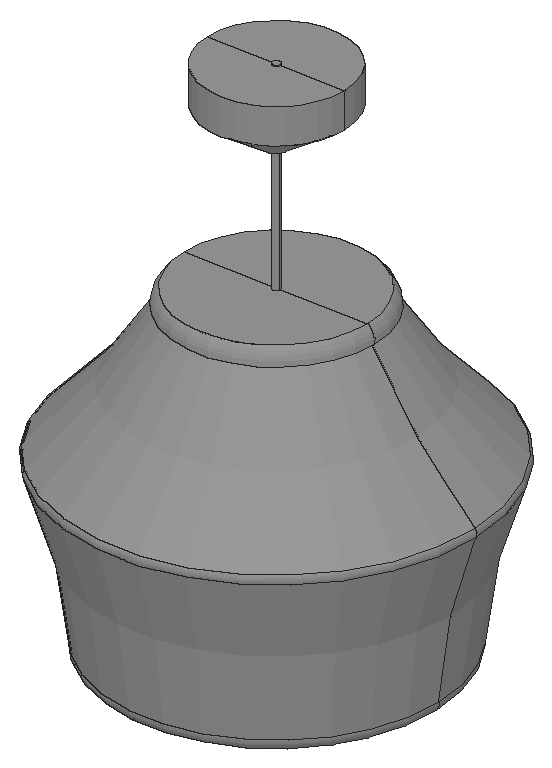
Revit family "63_UN_Pendant_GO-2L Canopy_Signify", category Lighting Fixtures, Revit 2019
Family settings
  Round Connector Dimension = Use Diameter
  Part Type = Normal
  OmniClass Number = 23.80.70.11
  OmniClass Title = Luminaries for Internal Lighting
  Work Plane-Based = No
  Always vertical = Yes
  Cut with Voids When Loaded = No
  Light Source = No
  Shared = No
  Room Calculation Point = Yes
Parameters (values of type "GO-1L")
  Wattage Comments = "10W"
  Voltage = 230 V
  URL = "https://www.signify.com/global/innovation/3d-printing"
  Type Comments = "GO-2L"
  Pendant_Material = UHMW, Black
  Pendant_Length [instance] = 200 mm
  Symbol_ToScale [instance] = yes
  Symbol_RealSize [instance] = not(Symbol_ToScale)  # no
  Switch Code [instance] = ""
  Model = "Pendant"
  Manufacturer = "Signify"
  Luminaire Code [instance] = ""
  Lamp = "LED"
  IfcExportType = "USERDEFINED"
  IfcExportAs = "IfcLightFixtureType"
  Housing_Material = Select RGB Value for different appearance
  Description = ""
  Content Creator® = "www.ivlibrary.com"
  Calc_Pendant_Length [instance] = if(Pendant_Length < 200 mm, 200 mm, if(Pendant_Length > 3000 mm, 3000 mm, Pendant_Length))  # 200 mm
  Assembly Code = "63.0"
  Apparent Load = 10 VA
Reference planes
  plane 1 "Center (Front/Back)": y = 0
  plane 2: z = 0
  plane 3 "Center (Left/Right)": x = 0
  plane 4: z = -200
  plane 5: z = -330
Forms (mm)
  Extrusion 1, solid, material "UHMW, Black" <- "Pendant_Material"
    sketch origin (0, 0, 0) x (1, 0, 0) y (0, 1, 0)
      loop
        circle (0, 0) r 3.848
    from -200 to 0
  Revolve 2, solid, material "UHMW, Black" <- "Pendant_Material"
    sketch origin (0, 0, 0) x (1, 0, 0) y (0, 0, 1)
      loop
        line (-68.5, 0) -> (-68.5, -35.165) -> (-13.084, -72.544) -> (0, -72.544) -> (0, 0) -> (-68.5, 0)
      axis (0, 0) -> (0, -72.544)
    angle from 0 to 360
Lines and regions (mm)
  symbolic lines, visible <- "Symbol_RealSize"
    curve 1: circle (0, 0, 0) r 200 normal (0, 0, 1)
    curve 2: line (-141.421, 141.421, 0) -> (0, 0, 0)
    curve 3: line (0, 0, 0) -> (-141.421, -141.421, 0)
    curve 4: line (141.421, 141.421, 0) -> (0, 0, 0)
    curve 5: line (0, 0, 0) -> (141.421, -141.421, 0)
Dimensions and locks
  "Calc_Pendant_Length": plane 2 to plane 4
  locked: plane 4 to plane 5 at 130
  aligned and locked: level to plane 2
  aligned and locked: plane 2 to Extrusion 1
  aligned and locked: plane 4 to Extrusion 1
  aligned and locked: nested 1 to plane 4
Automatic sketch dimensions
  plane 1 "Center (Front/Back)" to curve 2 = 0 mm
  curve 2 to plane 3 "Center (Left/Right)" = 0 mm
  plane 1 "Center (Front/Back)" to curve 1 = 0 mm
  curve 1 to plane 3 "Center (Left/Right)" = 0 mm
  curve 3 to plane 3 "Center (Left/Right)" = 141.421 mm
  curve 2 to plane 3 "Center (Left/Right)" = 141.421 mm
  plane 1 "Center (Front/Back)" to curve 5 = 141.421 mm
  plane 1 "Center (Front/Back)" to Extrusion 1 sketch curve = 0 mm
  Extrusion 1 sketch curve to plane 3 "Center (Left/Right)" = 0 mm
  Revolve 2 sketch curve to level = 0 mm
  Revolve 2 sketch curve to plane 3 "Center (Left/Right)" = 0 mm  (x2)
  Revolve 2 sketch curve to plane 3 "Center (Left/Right)" = 13.084 mm
  Revolve 2 sketch curve to plane 3 "Center (Left/Right)" = 68.5 mm
  Revolve 2 sketch curve to Revolve 2 sketch curve = 35.165 mm
  Revolve 2 sketch curve to Revolve 2 sketch curve = 72.544 mm
  Revolve 2 sketch curve to Revolve 2 sketch curve = 6.499 mm
  level to Revolve 2 sketch curve = 2214.315 mm
  radius of Extrusion 1 sketch curve = 3.848 mm
Nested families
  nested 1: "GO-2L" at (0, 0, -200), Housing_Material <- "Housing_Material", type "Geometry"
    with Housing_Material Select RGB Value for different appearance
  nested 2: "Ø400 Symbol_Signify" at (0, 0, 0), visible <- "Symbol_ToScale", type "Ø400 Symbol_Signify"
Connectors
  electrical at (0, 0, 0), driven by "Apparent Load", driven by "Voltage"
    settings: index 1, voltage 230 V, apparent load 0 VA, apparent load phase1 10 VA, apparent load phase2 0 VA, apparent load phase3 0 VA, power factor 1, load classification "Other", number of poles 1, system type 31, power factor state 1, is connector primary yes, connector utility no, sub classification motor no, connector description ""
Definition of nested family "GO-2L"
  Parameters (values of type "Geometry")
    URL = "Signify.com"
    Type Comments = ""
    Model = "Geometry"
    Manufacturer = "Signify"
    Lamp = "LED"
    Housing_Material [instance] = none
    Assembly Code = "63.xx"
    Apparent Load = 41 VA
  Reference planes
    plane 1 "Center (Front/Back)": y = 0
    plane 2: z = 0
    plane 3 "Center (Left/Right)": x = 0
    plane 4: z = 0
  Forms (mm)
    Revolve 1, solid, material <- "Housing_Material"
      sketch origin (0, 0, 20.589) x (1, 0, 0) y (0, 0, 1)
        loop
          arc (-93.969, -36.196) -> (-141.081, -104.999) -> (-198.134, -165.813) r 545.203
          arc (-198.134, -165.813) -> (-199.495, -169.925) -> (-198.827, -174.205) r 9.22
          arc (-198.827, -174.205) -> (-173.949, -252.029) -> (-162.193, -332.883) r 495.656
          arc (-162.193, -332.883) -> (-160.369, -340.103) -> (-154.382, -344.533) r 11.069
          arc (-154.382, -344.533) -> (-77.266, -374.531) -> (-5.666, -416.007) r 537.583
          arc (-5.666, -416.007) -> (-2.965, -417.389) -> (0, -418.035) r 11.77
          line (0, -418.035) -> (0, -417.031)
          arc (0, -417.031) -> (-2.668, -416.433) -> (-5.1, -415.183) r 10.77
          arc (-5.1, -415.183) -> (-76.832, -373.629) -> (-154.092, -343.576) r 538.583
          arc (-154.092, -343.576) -> (-159.559, -339.514) -> (-161.19, -332.902) r 10.069
          arc (-161.19, -332.902) -> (-172.965, -251.844) -> (-197.903, -173.823) r 496.656
          arc (-197.903, -173.823) -> (-198.503, -170.074) -> (-197.355, -166.455) r 8.22
          arc (-197.355, -166.455) -> (-140.077, -105.345) -> (-92.815, -36.196) r 546.203
          line (-92.815, -36.196) -> (-93.969, -36.196)
        axis (0, -36.196) -> (0, -418.035)
      angle from 0 to 360
    Revolve 2, solid
      sketch origin (0, 0, 0) x (1, 0, 0) y (0, 0, 1)
        loop
          line (0, -15.607) -> (0, 0) -> (-91.441, 0)
          arc (-91.441, 0) -> (-96.571, -7.066) -> (-98.39, -15.607) r 21.034
          line (-98.39, -15.607) -> (0, -15.607)
        axis (0, 0) -> (0, -15.607)
      angle from 0 to 360
  Lines and regions (mm)
    reference lines
      curve 1: line (-173.969, 0, 0) -> (173.969, 0, 0)
  Dimensions and locks
    aligned and locked: level to plane 2
Definition of nested family "Ø400 Symbol_Signify"
  Reference planes
    plane 1: y = 0
    plane 2: x = 0
  Lines and regions (mm)
    detail lines
      curve 1: circle (0, 0, 0) r 2 normal (0, 0, 1)
      curve 2: line (0, 0, 0) -> (-1.414, -1.414, 0)
      curve 3: line (-1.414, 1.414, 0) -> (0, 0, 0)
      curve 4: line (0, 0, 0) -> (1.414, -1.414, 0)
      curve 5: line (1.414, 1.414, 0) -> (0, 0, 0)
